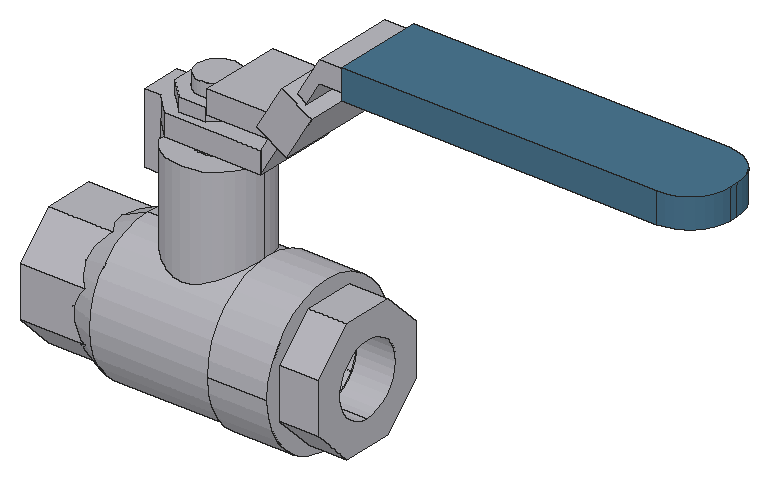
Revit family "200ALHK-Ball-Valve", category Pipe Accessories, Revit 2018
Family settings
  Round Connector Dimension = Use Diameter
  Part Type = Valve - Breaks Into
  OmniClass Number = 23.60.30.11.14
  OmniClass Title = Pipework Fittings
  Work Plane-Based = No
  Always vertical = Yes
  Cut with Voids When Loaded = No
  Shared = No
Parameters
  Weight [instance] = size_lookup(LookupTable, "Weight", "NA", Nominal Diameter)  # "0.73 lbs."
  URL = "http://fnw.com"
  Standards Lookup Table = "Standards"  # constant formula
  Product ID Handle [instance] = size_lookup(LookupTable, "ProductIDHandle", "NA", Nominal Diameter)  # "4448734"
  Product ID [instance] = size_lookup(LookupTable, "ProductID", "NA", Nominal Diameter)  # "4106091"
  Pipe Diameter [instance] = size_lookup(Standards Lookup Table, "pipe_dia", 0", Nominal Diameter)  # 0.54"
  Pin [instance] = ([1_Z2] + (Z3 * 2))  # 0.36753"
  Piipe Radius [instance] = Pipe Diameter / 2  # 0.27"
  Part Number Handle [instance] = size_lookup(LookupTable, "PartNumberHandle", "NA", Nominal Diameter)  # "FNW310ALHKBD"
  Part Number [instance] = size_lookup(LookupTable, "PartNumber", "NA", Nominal Diameter)  # "FNW200AB"
  NPT Insert [instance] = size_lookup(Standards Lookup Table, "NPT_insert", 0", Nominal Diameter)  # 0.4018"
  Manufacturer = "FNW"  # constant formula
  Description BOM Handle [instance] = size_lookup(LookupTable, "Description_BOMHandle", "NA", Nominal Diameter)  # "1/4 - 1/2 Locking Handle Kit 200A/310A BV"
  Description BOM [instance] = size_lookup(LookupTable, "Description_BOM", "NA", Nominal Diameter)  # "1/4 Stainless Steel 1000# Threaded 2 Piece Full Port BV"
  1_Z2 [instance] = size_lookup(LookupTable, "1_Z2", 0", Nominal Diameter)  # 0.1644"
  1_Z1 [instance] = size_lookup(LookupTable, "1_Z1", 0", Nominal Diameter)  # 0.7754"
  Z3 [instance] = size_lookup(LookupTable, "Z3", 0", Nominal Diameter)  # 13/128"
  Z2 [instance] = size_lookup(LookupTable, "Z2", 0", Nominal Diameter)  # 1.3402"
  Z1 [instance] = size_lookup(LookupTable, "Z1", 0", Nominal Diameter)  # 1.2152"
  1_Y1 [instance] = size_lookup(LookupTable, "1_Y1", 0", Nominal Diameter)  # 5/8"
  1_X6 [instance] = size_lookup(LookupTable, "1_X6", 0", Nominal Diameter)  # 3/8"
  1_X5 [instance] = size_lookup(LookupTable, "1_X5", 0", Nominal Diameter)  # 3/8"
  1_X4 [instance] = size_lookup(LookupTable, "1_X4", 0", Nominal Diameter)  # 5/16"
  1_X1 [instance] = size_lookup(LookupTable, "1_X1", 0", Nominal Diameter)  # 57/64"
  1_X3 [instance] = size_lookup(LookupTable, "1_X3", 0", Nominal Diameter)  # 3.94"
  X7 [instance] = size_lookup(LookupTable, "X7", 0", Nominal Diameter)  # 1.14"
  X6 [instance] = size_lookup(LookupTable, "X6", 0", Nominal Diameter)  # 2.28"
  X5 [instance] = size_lookup(LookupTable, "X5", 0", Nominal Diameter)  # 0.30135"
  X4 [instance] = size_lookup(LookupTable, "X4", 0", Nominal Diameter)  # 0.456"
  X3 [instance] = size_lookup(LookupTable, "X3", 0", Nominal Diameter)  # 0.92085"
  X2 [instance] = size_lookup(LookupTable, "X2", 0", Nominal Diameter)  # 0.2"
  1_X2 [instance] = size_lookup(LookupTable, "1_X2", 0", Nominal Diameter)  # 57/128"
  X1 [instance] = size_lookup(LookupTable, "X1", 0", Nominal Diameter)  # 0.4018"
  Show Lever Clearance [instance] = no
  R3 [instance] = size_lookup(LookupTable, "R3", 0", Nominal Diameter)  # 0.58125"
  R2 [instance] = size_lookup(LookupTable, "R2", 0", Nominal Diameter)  # 0.558"
  R1_Diam [instance] = R1 * 2  # 0.93"
  R1 [instance] = size_lookup(LookupTable, "R1", 0", Nominal Diameter)  # 0.465"
  Nominal Radius [instance] = Nominal Diameter / 2  # 1/8"
  Nominal Diameter [instance] = 1/4"
  LookupTable = "valve-ball-threaded-2P-lock-lever"
  HexAngle1 [instance] = 135.00°
  D3 [instance] = size_lookup(LookupTable, "D3", 0", Nominal Diameter)  # 1/2"
  D2 [instance] = size_lookup(LookupTable, "D2", 0", Nominal Diameter)  # 5/16"
  D1 [instance] = size_lookup(LookupTable, "D1", 0", Nominal Diameter)  # 0.7125"
Reference planes (in)
  plane 1 "Center (Front/Back)": y = 0
  plane 2: z = 0
  plane 3 "Center (Left/Right)": x = 0
  plane 4 "X7 End": x = -1.14
  plane 5 "D1 Top": z = 1.2152
  plane 6 "D2 Top": z = 1.3402
  plane 7: x = -0.7382
  plane 8: x = -0.5382
  plane 9: x = 0.38265
  plane 10 "Face EXT": x = 0.83865
  plane 11: x = 1.14
  plane 12 "R3 Top": z = 0.58125
  plane 13 "R2 Top": z = 0.558
  plane 14 "R1 Top": z = 0.465
  plane 15: x = 1.14
  plane 16 "Pipe radius": z = 0.27
  plane 17 "NPT": x = -0.7382
  plane 18 "NPT 2": x = 0.7382
  plane 19: z = 1.70773
Forms (in)
  Extrusion 1, solid, material "Steel, Stainless"
    sketch origin (0, 0, 0) x (1, 0, 0) y (0, 1, 0)
      loop
        circle (0, 0) r 0.15625
    from 1.2152 to 1.70773
  Revolve 2, solid, material "Steel, Stainless"
    sketch origin (0, 0, 0) x (1, 0, 0) y (0, 0, 1)
      loop
        line (-0.7382, 0.465) -> (-0.7382, 0.27) -> (0.38265, 0.27) -> (0.38265, 0.558) -> (-0.5382, 0.558) -> (-0.7382, 0.465)
      axis (0.38265, 0) -> (-0.7382, 0)
    angle from 0 to 360
  Sweep 3, solid, material "Steel, Stainless"
    path origin (0, 0, 0) x (1, 0, 0) y (0, 0, 1)
      loop
        line (-1.14, 0) -> (1.14, 0)
    profile origin (0, 0, 0) x (0, 0, 1) y (0, -1, 0)
      loop
        circle (0, 0) r 0.27
      loop
        line (0.19261, 0.465) -> (-0.19261, 0.465) -> (-0.465, 0.19261) -> (-0.465, -0.19261) -> (-0.19261, -0.465) -> (0.19261, -0.465) -> (0.465, -0.19261) -> (0.465, 0.19261) -> (0.19261, 0.465)
  Extrusion 4, solid, material "Steel, Stainless"
    sketch origin (0, 0, 0) x (0, 1, 0) y (0, 0, 1)
      loop
        circle (0, 0) r 0.58125
      loop
        circle (0, 0) r 0.27
    from 0.38265 to 0.83865
  Extrusion 5, solid, material "Steel, Stainless"
    sketch origin (0, 0, 0.27) x (-1, 0, 0) y (0, -1, 0)
      loop
        circle (0, 0) r 0.35625
    from 0 to 0.9452
  Extrusion 6, solid, material "Steel, Stainless", not visible
    sketch origin (-0.7382, 0, 0) x (0, 0, 1) y (0, -1, 0)
      loop
        circle (0, 0) r 0.125
    from 0 to 1.4764
Dimensions and locks (in)
  "X7": plane 4 "X7 End" to plane 3 "Center (Left/Right)"
  "Z1": plane 5 "D1 Top" to plane 2
  "Z2": plane 6 "D2 Top" to plane 2
  "X1": plane 4 "X7 End" to plane 7
  "X2": plane 8 to plane 7
  "X3": plane 9 to plane 8
  "X4": plane 10 "Face EXT" to plane 9
  "X5": plane 11 to plane 10 "Face EXT"
  "R3": plane 12 "R3 Top" to plane 2
  "R2": plane 13 "R2 Top" to plane 2
  "R1": plane 14 "R1 Top" to plane 2
  "Piipe Radius": Revolve 2 sketch curve to plane 2
  "X6": plane 4 "X7 End" to plane 15
  equal spacing: Sweep 3 sketch curve, plane 1 "Center (Front/Back)", Sweep 3 sketch curve  (x4)
  "R1_Diam": Sweep 3 sketch curve to Sweep 3 sketch curve  (x4)
  Sweep 3 to Sweep 3 = 0.93"  (x5)
  "R1_Diam": Sweep 3 to Sweep 3  (x4)
  "Piipe Radius": plane 16 "Pipe radius" to plane 2
  "NPT Insert": plane 4 "X7 End" to plane 17 "NPT"
  "NPT Insert": plane 11 to plane 18 "NPT 2"
  "Pin": plane 19 to plane 6 "D2 Top"
  "D2": diameter of Extrusion 1 sketch curve
  "R3": radius of Extrusion 4 sketch curve
  "Piipe Radius": radius of Extrusion 4 sketch curve
  "Piipe Radius": radius of Sweep 3 sketch curve
  radius of Sweep 3 sketch curve = 0.27"
  "D1": diameter of Extrusion 5 sketch curve
  "Nominal Radius": radius of Extrusion 6 sketch curve
  angle Sweep 3 sketch curve to Sweep 3 sketch curve = 135.00°  (x6)
  angle Sweep 3 to Sweep 3 = 135.00°  (x6)
  aligned and locked: plane 2 to level
  aligned and locked: Extrusion 1 to plane 5 "D1 Top"
  aligned and locked: Revolve 2 sketch curve to plane 13 "R2 Top"
  aligned and locked: plane 7 to Revolve 2 sketch curve
  aligned and locked: Extrusion 4 to plane 9
  aligned and locked: plane 10 "Face EXT" to Extrusion 4
  aligned and locked: Sweep 3 sketch curve to level
  aligned and locked: plane 5 "D1 Top" to Extrusion 5
  aligned and locked: plane 18 "NPT 2" to Extrusion 6
  aligned and locked: plane 19 to Extrusion 1
Automatic sketch dimensions
  plane 4 "X7 End" to Sweep 3 sketch curve = 0"
  Sweep 3 sketch curve to plane 11 = 0"
  plane 1 "Center (Front/Back)" to Extrusion 1 sketch curve = 0"
  Extrusion 1 sketch curve to plane 3 "Center (Left/Right)" = 0"
  Revolve 2 sketch curve to level = 0"
  Revolve 2 sketch curve to plane 8 = 0"
  Revolve 2 sketch curve to plane 9 = 0"
  Revolve 2 sketch curve to plane 14 "R1 Top" = 0"
  plane 4 "X7 End" to Revolve 2 sketch curve = 1.81248"
  plane 11 to Revolve 2 sketch curve = 4.72422"
  Sweep 3 sketch curve to plane 1 "Center (Front/Back)" = 0"
  profile plane to Sweep 3 sketch curve = 0"
  Extrusion 4 sketch curve to Extrusion 4 sketch curve = 0"  (x2)
  Extrusion 4 sketch curve to level = 0"
  Extrusion 4 sketch curve to plane 1 "Center (Front/Back)" = 0"
  plane 1 "Center (Front/Back)" to Extrusion 5 sketch curve = 0"
  Extrusion 5 sketch curve to plane 3 "Center (Left/Right)" = 0"
  Extrusion 6 sketch curve to level = 0"
  Extrusion 6 sketch curve to plane 1 "Center (Front/Back)" = 0"
Nested families (in)
  nested 1: "Nested Lever Lock 200ALHK" at (0, 0, 1.3402), D3 <- "D3", Z6 <- "Z3", 1_X1 <- "1_X1", 1_X2 <- "1_X2", 1_X3 <- "1_X3", 1_X4 <- "1_X4", 1_Y1 <- "1_Y1", 1_Z1 <- "1_Z1", 1_Z2 <- "1_Z2", Show Lever Clearance <- "Show Lever Clearance", 1_X5 <- "1_X5", 1_X6 <- "1_X6", Description BOM <- "Description BOM Handle", Part Number <- "Part Number Handle", Product ID <- "Product ID Handle", type "Nested Lever Lock 200ALHK"
    with Z6 13/128", Z1_Z2 0.4699", Void_Outer_Radius 3/8", Void_Outer 3/4", Tab_Width 3/8", Tab_Height_Center 0.3877", Show Lever Clearance no, Product ID "4448734", Part Number "FNW310ALHKBD", Lock_Tab_Width 7/8", Hypotenuse_Tab_Center 0.44709", Grip_L3 0.2269", Grip_L2 0.19565", Grip_L1 1/32", Description BOM "1/4 - 1/2 Locking Handle Kit 200A/310A BV", D3_Half 0.16667", D3 1/2", Clearance Hieght 6", Angle Hex Head 135.00°, Ang_Constraint 39.81°, 1_Z2_Half 0.0822", 1_Z2 0.1644", 1_Z1_Quarter 0.27605", 1_Z1 0.7754", 1_Y1_Half 5/16", 1_Y1 5/8", 1_X6_Half 3/8", 1_X6 3/8", 1_X5 3/8", 1_X4 5/16", 1_X3_and_1__Y1_Half 4.2525", 1_X3 3.94", 1_X2_Quarter 0.11133", 1_X2_Half 57/256", 1_X2 57/128", 1_X1 57/64", 0Grip 2 1/8"
Connectors (in)
  piping at (-0.7382, 0, 0), diameter 0.25, driven by "Nominal Diameter"
    settings: on Extrusion 6, index 1, connector inside diameter 24", connector length 0", flow factor 0, pipe flow 0 GPM, pressure drop 0.00 psi, fitting loss kfactor 0, connector angle 0.00°, fixture units 0, engagement length 0", angle of deflection 0.00°, flow configuration 0, flow direction 0, fitting loss method 0, system type 7, joint type 0, gender type 0, connector reference index 2, connector utility 0, adjustable connector no, is connector primary yes, connector description ""
  piping at (0.7382, 0, 0), diameter 0.25, driven by "Nominal Diameter"
    settings: on Extrusion 6, index 2, connector inside diameter 24", connector length 0", flow factor 0, pipe flow 0 GPM, pressure drop 0.00 psi, fitting loss kfactor 0, connector angle 0.00°, fixture units 0, engagement length 0", angle of deflection 0.00°, flow configuration 0, flow direction 0, fitting loss method 0, system type 7, joint type 0, gender type 0, connector reference index 1, connector utility 0, adjustable connector no, is connector primary no, connector description ""
Definition of nested family "Nested Lever Lock 200ALHK"
  Parameters (values of type "Nested Lever Lock")
    Z6 [instance] = 1/8"
    Z1_Z2 [instance] = ([1_Z1] + [1_Z2]) / 2  # 11/16"
    Tab_Width [instance] = [1_Y1_Half] + (Grip_L1 * 2)  # 1 1/16"
    Tab_Height_Center [instance] = [1_Z1] / 2  # 5/8"
    Product ID [instance] = ""
    Part Number [instance] = ""
    Lock_Tab_Width [instance] = [1_Y1] + 1/4"  # 2 1/4"
    Hypotenuse_Tab_Center [instance] = sqrt(Tab_Height_Center ^ 2 + [1_X2_Half] ^ 2)  # 0.97628"
    Description BOM [instance] = ""
    Angle 2 = 45.00°
    Ang_Constraint [instance] = 39.81°  # constant formula
    1_Z2 [instance] = 1/8"
    1_Z1_Quarter [instance] = [1_Z1] / 4 + ([1_Z2_Half])  # 3/8"
    1_Z1 [instance] = 1 1/4"
    1_Y1_Half [instance] = [1_Y1] / 2  # 1"
    1_Y1 [instance] = 2"
    1_X6_Half [instance] = [1_X6]  # 1"
    1_X6 [instance] = 1"
    1_X5 [instance] = 1 1/8"
    1_X2_Quarter [instance] = [1_X2] / 4  # 3/8"
    1_X2_Half [instance] = [1_X2] / 2  # 3/4"
    1_X1 [instance] = 2 1/2"
    1_X3_and_1__Y1_Half [instance] = [1_X3] + [1_Y1_Half]  # 13.66198"
    1_X3 [instance] = 12.66198"
    1_X2 [instance] = 1 1/2"
    Void_Outer_Radius [instance] = Void_Outer / 2  # 1 1/16"
    Void_Outer [instance] = [1_Y1] + Grip_L1 * 4  # 2 1/8"
    Show Lever Clearance [instance] = yes
    Grip_L3 [instance] = Grip_L1 + Grip_L2  # 3/16"
    Grip_L1 [instance] = 1/32"  # constant formula
    Grip_L2 [instance] = [1_Z2] + Grip_L1  # 5/32"
    Default Elevation = 48"
    D3_Half [instance] = D3 / 3  # 0.23251"
    D3 [instance] = 0.69752"
    Clearance Hieght [instance] = 6"  # constant formula
    Angle Hex Head [instance] = 135.00°
    1_X4 [instance] = 1"
    1_Z2_Half [instance] = [1_Z2] / 2  # 1/16"
    0Grip [instance] = 2 1/8"  # constant formula
  Reference planes (in)
    plane 1 "Center (Front/Back)": y = 0
    plane 2: z = 0
    plane 3 "Center (Left/Right)": x = 0
    plane 4: z = 0.125
    plane 5: x = -1
    plane 6: x = 12.66198
    plane 7: y = 1
    plane 8: y = -1
    plane 9: x = 1.5
    plane 10: x = 3
    plane 11: z = 1.375
    plane 12: z = 1.25
    plane 13: z = 0.25
    plane 14: z = 1.40625
    plane 15: z = 1.21875
    plane 16: x = 3.15625
    plane 17: y = 1.03125
    plane 18: y = -1.03125
    plane 19: z = -1.125
    plane 20: y = 0.5
    plane 21: y = -0.5
    plane 22: x = -1.125
    plane 23: x = 2.25
    plane 24: z = 0.5
    plane 25: x = 1.875
    plane 26: x = 0.23251
  Forms (in)
    Extrusion 1, solid
      sketch origin (0, 0, 0) x (1, 0, 0) y (0, 1, 0)
        loop
          line (-48, 48) -> (-48, -48) -> (48, -48) -> (48, 48) -> (-48, 48)
      from 0 to -12
    Extrusion 2, solid
      sketch origin (0, 0, 0) x (1, 0, 0) y (0, 0, 1)
        loop
          line (1.5, 0.125) -> (1.5, 0) -> (3, 1.25) -> (4.15625, 1.25) -> (4.15625, 1.375) -> (3, 1.375) -> (1.5, 0.125)
      from -1 to 1
    Extrusion 3, solid
      sketch origin (0, 0, 0) x (1, 0, 0) y (0, 1, 0)
        loop
          line (0.34876, 0.14446) -> (0.14446, 0.34876) -> (-0.14446, 0.34876) -> (-0.34876, 0.14446) -> (-0.34876, -0.14446) -> (-0.14446, -0.34876) -> (0.14446, -0.34876) -> (0.34876, -0.14446) -> (0.34876, 0.14446)
        loop
          circle (0, 0) r 0.23251
      from 0.125 to 0.25
    Extrusion 4, solid
      sketch origin (0, 0, 0) x (1, 0, 0) y (0, 1, 0)
        loop
          line (11.66198, 1.03125) -> (3.15625, 1.03125) -> (3.15625, -1.03125) -> (11.66198, -1.03125)
          arc (11.66198, -1.03125) -> (12.36908, -0.73836) -> (12.66198, -0.03125) r 1
          line (12.66198, -0.03125) -> (12.66198, 0.03125)
          arc (12.66198, 0.03125) -> (12.36908, 0.73836) -> (11.66198, 1.03125) r 1
      from 1.21875 to 1.40625
    Extrusion 5, solid, visible <- "Show Lever Clearance"
      sketch origin (0, 0, 0) x (1, 0, 0) y (0, 1, 0)
        loop
          line (-1, 1) -> (-1, -12.66198)
          arc (-1, -12.66198) -> (8.66048, -8.66048) -> (12.66198, 1) r 13.66198
          line (12.66198, 1) -> (-1, 1)
      from 0 to 6 <- "Clearance Hieght"
    Extrusion 6, solid
      sketch origin (0, 0, 0) x (1, 0, 0) y (0, 1, 0)
        loop
          line (1.5, -1) -> (1.5, 1) -> (-0.5, 1) -> (-1, 0.5) -> (-1, -0.5) -> (-0.5, -1) -> (1.5, -1)
      from 0 to 0.125
    Extrusion 7, solid
      sketch origin (0, 0, 0) x (1, 0, 0) y (0, 1, 0)
        loop
          line (-1.125, 0.5) -> (-1.125, -0.5) -> (-1, -0.5) -> (-1, 0.5) -> (-1.125, 0.5)
      from -1.125 to 0.125
    Extrusion 8, solid
      sketch origin (0, 0, 0) x (1, 0, 0) y (0, 1, 0)
        loop
          line (0.23251, 1) -> (0.23251, -1) -> (1.875, -1) -> (1.875, 1) -> (0.23251, 1)
      from 0.25 to 0.5
  Cuts and joins
    joined: Extrusion 6, Extrusion 7
  Lines and regions (in)
    reference lines
      curve 1: line (0, 0, 3.39657) -> (0, 0, -1.625)
  Dimensions and locks (in)
    "1_Z2": plane 4 to plane 2
    "1_X4": plane 3 "Center (Left/Right)" to plane 5
    "1_X3": plane 6 to plane 3 "Center (Left/Right)"
    equal spacing: plane 7, plane 1 "Center (Front/Back)", plane 8
    "1_Y1": plane 7 to plane 8
    "1_X1": plane 9 to plane 5
    "1_X2": plane 10 to plane 9
    "1_Z1": plane 11 to plane 4
    "1_Z2": plane 11 to plane 12
    equal spacing: Extrusion 3 sketch curve, curve 1, Extrusion 3 sketch curve  (x4)
    "D3": Extrusion 3 sketch curve to Extrusion 3 sketch curve  (x4)
    "Z6": plane 13 to plane 4
    "Grip_L1": plane 14 to plane 11
    "Grip_L2": plane 11 to plane 15
    "Grip_L2": plane 16 to plane 10
    "Grip_L1": plane 8 to plane 18
    "Grip_L1": plane 17 to plane 7
    "1_Y1_Half": plane 16 to Extrusion 2
    "1_X3_and_1__Y1_Half": Extrusion 5 sketch curve to Extrusion 5 sketch curve  (x2)
    equal spacing: Extrusion 6 sketch curve, plane 1 "Center (Front/Back)", Extrusion 6 sketch curve
    "1_Y1_Half": Extrusion 6 sketch curve to Extrusion 6 sketch curve
    "1_X5": plane 2 to plane 19
    equal spacing: plane 21, plane 1 "Center (Front/Back)", plane 20
    "1_Y1_Half": plane 21 to plane 20
    "1_Z2": plane 5 to plane 22
    "1_X2_Half": plane 23 to plane 9
    "Hypotenuse_Tab_Center": nested 1 to Extrusion 2
    "1_X2_Quarter": plane 25 to plane 9
    "1_Z1_Quarter": plane 24 to plane 4
    "D3_Half": plane 26 to plane 3 "Center (Left/Right)"
    equal spacing: Extrusion 8 sketch curve, plane 1 "Center (Front/Back)", Extrusion 8 sketch curve
    "D3_Half": radius of Extrusion 3 sketch curve
    "1_Y1_Half": radius of Extrusion 4 sketch curve  (x2)
    "1_X3_and_1__Y1_Half": radius of Extrusion 5 sketch curve
    "Angle Hex Head": angle Extrusion 3 sketch curve to Extrusion 3 sketch curve  (x6)
    "Angle 2": angle plane 5 to Extrusion 6 sketch curve
    "Angle 2": angle Extrusion 6 sketch curve to plane 5
    aligned and locked: plane 2 to Extrusion 1
    aligned and locked: level to Extrusion 1
    aligned and locked: plane 10 to Extrusion 2 sketch curve
    aligned and locked: plane 12 to Extrusion 2 sketch curve
    aligned and locked: plane 11 to Extrusion 2 sketch curve
    aligned and locked: curve 1 to plane 3 "Center (Left/Right)"
    aligned and locked: plane 4 to Extrusion 3
    aligned and locked: Extrusion 3 to plane 13
    aligned and locked: Extrusion 4 sketch curve to plane 16
    aligned and locked: Extrusion 4 sketch curve to plane 18
    aligned and locked: plane 17 to Extrusion 4 sketch curve
    aligned and locked: Extrusion 4 to plane 15
    aligned and locked: Extrusion 4 to plane 14
    aligned and locked: Extrusion 2 to plane 8
    aligned and locked: plane 7 to Extrusion 2
    aligned and locked: Extrusion 2 sketch curve to plane 9
    aligned and locked: plane 9 to Extrusion 6 sketch curve
    aligned and locked: Extrusion 6 sketch curve to plane 5
    aligned and locked: Extrusion 6 to plane 4
    aligned and locked: Extrusion 7 sketch curve to plane 21
    aligned and locked: plane 20 to Extrusion 7 sketch curve
    aligned and locked: plane 19 to Extrusion 7
    aligned and locked: Extrusion 7 to plane 4
    aligned and locked: plane 1 "Center (Front/Back)" to nested 1
    aligned and locked: Extrusion 8 sketch curve to plane 7
    aligned and locked: Extrusion 8 to plane 24
    aligned and locked: plane 13 to Extrusion 8
    aligned and locked: Extrusion 8 to plane 26
    aligned and locked: plane 25 to Extrusion 8
  Automatic sketch dimensions
    Extrusion 1 sketch curve to Extrusion 1 sketch curve = 96"  (x2)
    Extrusion 7 sketch curve to plane 5 = 1/8"
    Extrusion 7 sketch curve to plane 5 = 0"
    plane 19 to curve 1 = 1/2"
    plane 14 to curve 1 = 1.99032"
    plane 26 to Extrusion 8 sketch curve = 0"
    plane 9 to Extrusion 8 sketch curve = 3/8"
    Extrusion 2 sketch curve to plane 10 = 0"
    Extrusion 2 sketch curve to level = 0"
    Extrusion 2 sketch curve to plane 4 = 0"
    plane 16 to Extrusion 2 sketch curve = 1"
    plane 1 "Center (Front/Back)" to Extrusion 3 sketch curve = 0"
    Extrusion 3 sketch curve to plane 3 "Center (Left/Right)" = 0"
    Extrusion 4 sketch curve to plane 6 = 0"
    Extrusion 5 sketch curve to plane 5 = 0"
    Extrusion 5 sketch curve to plane 7 = 0"
    Extrusion 6 sketch curve to plane 8 = 0"
    Extrusion 6 sketch curve to plane 7 = 0"
  Nested families (in)
    nested 1: "Nest _Lock_Tab" at (2.18852, 0, 0.69877) x (0.7682, 0, 0.6402) z (-0.6402, 0, 0.7682), Width <- "Tab_Width", Height <- "1_Z2_Half", 1_X6 <- "1_X6", type "Nest _Lock_Tab"
      with Width 1 1/16", Height 2 0.1375", Height 1/16", 1_X6 1"
  Definition of nested family "Nest _Lock_Tab"
    Parameters (values of type "Nest _Lock_Tab")
      Width [instance] = 1"
      Height 2 [instance] = Height * 2.2  # 0.55"
      Height [instance] = 1/4"
      Default Elevation = 48"
      1_X6 [instance] = 1"
    Reference planes (in)
      plane 1 "Center (Front/Back)": y = 0
      plane 2: z = 0
      plane 3 "Center (Left/Right)": x = 0
      plane 4: x = -0.5
      plane 5: x = 0.5
      plane 6: y = 1
      plane 7: y = -1
      plane 8: z = 0.25
      plane 9: z = -0.55
      plane 10 "lock": through (-0.76817, -180, 0.64024) normal (0.6402, 0, 0.7682)
    Forms (in)
      Extrusion 1, solid
        sketch origin (0, 0, 0) x (1, 0, 0) y (0, 1, 0)
          loop
            line (-48, 48) -> (-48, -48) -> (48, -48) -> (48, 48) -> (-48, 48)
        from 0 to -12
      Extrusion 2, solid
        sketch origin (0, 0, 0) x (1, 0, 0) y (0, 1, 0)
          loop
            line (-0.5, 1) -> (-0.5, -1) -> (0.5, -1) -> (0.5, 1) -> (-0.5, 1)
        from -0.55 to 0.25
    Lines and regions (in)
      reference lines
        curve 1: line (-1.89132, 0, 0) -> (2.85868, 0, 0)
        curve 2: line (0, 5.22872, 0) -> (0, -6.82287, 0)
        curve 3: line (0, 0, 0) -> (-0.76817, 0, 0.64024)
    Dimensions and locks (in)
      equal spacing: plane 4, plane 3 "Center (Left/Right)", plane 5
      "1_X6": plane 4 to plane 5
      equal spacing: plane 6, plane 1 "Center (Front/Back)", plane 7
      "Width": plane 6 to plane 1 "Center (Front/Back)" to plane 7
      "Height": plane 8 to plane 2
      "Height 2": plane 2 to plane 9
      angle curve 3 to curve 1 = 39.81°
      aligned and locked: plane 2 to Extrusion 1
      aligned and locked: level to Extrusion 1
      aligned and locked: plane 4 to Extrusion 2 sketch curve
      aligned and locked: Extrusion 2 sketch curve to plane 5
      aligned and locked: Extrusion 2 sketch curve to plane 6
      aligned and locked: Extrusion 2 sketch curve to plane 7
      aligned and locked: Extrusion 2 to plane 9
      aligned and locked: plane 8 to Extrusion 2
      aligned and locked: curve 1 to plane 2
      aligned and locked: curve 2 to plane 3 "Center (Left/Right)"
    Automatic sketch dimensions
      Extrusion 1 sketch curve to Extrusion 1 sketch curve = 96"  (x2)
      plane 7 to curve 2 = 5.82287"
      plane 6 to curve 2 = 4.22872"
      curve 3 to plane 3 "Center (Left/Right)" = 0"
      curve 1 to curve 3 = 1.12315"
